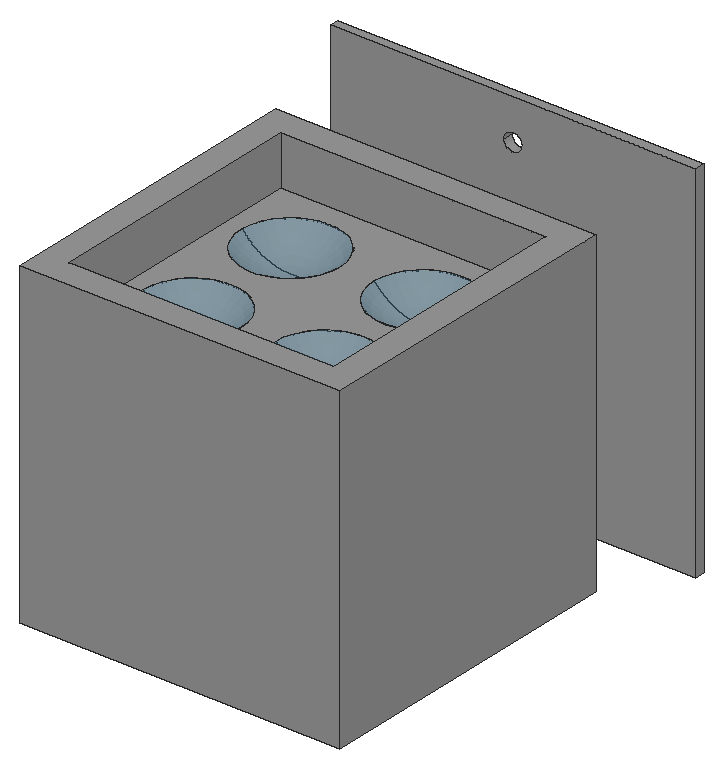
Revit family "LED FRAME 05_LZFSBWW", category Luminarias, Revit 2019
Family settings
  Cota de conector redondo = Diámetro de uso
  Tipo de pieza = Normal
  Se basa en plano de trabajo = Sí
  Siempre vertical = No
  Corte con vacíos al cargar = No
  Origen de luz = Sí
  Compartido = No
  Punto de cálculo de habitación = No
Parameters (values of type "LED FRAME 05_LZFSBWW")
  Ángulo de inclinación = 60.00°
  Ángulo de enfoque = 45.00°
  Ángulo de campo de foco = 45.00°
  Zone [instance] = ""
  Watt per fixture = 5
  Wattage = 5 W
  built-in parameter 1150107 = 3000 (stored number, unit not read)
  built-in parameter 1150110 = 1 (stored number, unit not read)
  built-in parameter 1150109 = 1 (stored number, unit not read)
  built-in parameter 1150112 = 1 (stored number, unit not read)
  built-in parameter 1150113 = 1 (stored number, unit not read)
  built-in parameter 1114218 = 1 (stored number, unit not read)
  Keynote = ""
  built-in parameter 1150137 = (empty or 0)
  built-in parameter 1150132 = (empty or 0)
  Modelo = "LZFSBWW"
  Lámpara = "CREE"
  Longitud de símbolo de origen de luz = 1500 mm
  built-in parameter 1150105 = 2067.9 (stored number, unit not read)
  built-in parameter 1150102 = (empty or 0)
  built-in parameter 1150106 = 20.679 (stored number, unit not read)
  Lumens = 320 lm
  Color Filter = 16777215
  built-in parameter 1114217 = 1 (stored number, unit not read)
  built-in parameter 1150139 = (empty or 0)
  Fabricante = "BRILLANT"
  Default Elevation = 0 mm
  built-in parameter 1150104 = 5.9458 (stored number, unit not read)
  Descripción = "LUMINARIA DIRIGIBLE TIPO ARBOTANTE, ACABADO EN ALUMINIO CON UN PESO DE 0.70KG, CON 4 LED TIPO CREE Y UNA POTENCIA DE 5W, 320 LUMENES, TEMPERATURA EN BLANCO CALIDO 3000K, IRC 80, IP 20, APERTURA DE 45 GRADOS, CORRIENTE DE OPERACIÓN 39mA, CABLE DE 6.7CM, ALIMENTADO A 90-240VAC"
  built-in parameter 1150115 = 1 (stored number, unit not read)
  built-in parameter 1150114 = 1 (stored number, unit not read)
  Comentarios de vataje = "90-240V"
  built-in parameter 1150138 = (empty or 0)
  built-in parameter 1150134 = (empty or 0)
  Circuit [instance] = ""
  Dimming Lamp Color Temperature Shift = (empty or 0)
  built-in parameter 1150133 = 10 (stored number, unit not read)
Reference planes
  plane 1 "Centro (Frontal/Posterior)": y = 0
  plane 2: z = 0
  plane 3 "Centro (Izquierda/Derecha)": x = 0
Forms (mm)
  Extrusion 1, solid, material "Acabado Blanco"
    sketch origin (-272.5, 14.472, 0) x (1, 0, 0) y (0, 1, 0)
      loop
        line (232.5, -16.599) -> (312.5, -16.599) -> (312.5, -14.472) -> (232.5, -14.472) -> (232.5, -16.599)
    from 80.282 to 0
  Revolve 2, solid, material "Cristal", not visible
    sketch origin (-152, 0, 0) x (0, 1, 0) y (0, 0, -1)
      loop
        line (0, -8.749) -> (0, -7.25) -> (-1.499, -7.25)
        arc (-1.499, -7.25) -> (-1.06, -8.31) -> (0, -8.749) r 1.499
      axis (0, -7.25) -> (-1.499, -7.25)
    angle from 0 to 360
  Revolve 3, solid, material "Cristal", not visible
    sketch origin (-136, 0, 0) x (0, 1, 0) y (0, 0, -1)
      loop
        line (0, -8.749) -> (0, -7.25) -> (-1.499, -7.25)
        arc (-1.499, -7.25) -> (-1.06, -8.31) -> (0, -8.749) r 1.499
      axis (0, -7.25) -> (-1.499, -7.25)
    angle from 0 to 360
  Revolve 4, solid, material "Cristal", not visible
    sketch origin (-120, 0, 0) x (0, 1, 0) y (0, 0, -1)
      loop
        line (0, -8.749) -> (0, -7.25) -> (-1.499, -7.25)
        arc (-1.499, -7.25) -> (-1.06, -8.31) -> (0, -8.749) r 1.499
      axis (0, -7.25) -> (-1.499, -7.25)
    angle from 0 to 360
  Revolve 5, solid, material "Cristal", not visible
    sketch origin (-104, 0, 0) x (0, 1, 0) y (0, 0, -1)
      loop
        line (0, -8.749) -> (0, -7.25) -> (-1.499, -7.25)
        arc (-1.499, -7.25) -> (-1.06, -8.31) -> (0, -8.749) r 1.499
      axis (0, -7.25) -> (-1.499, -7.25)
    angle from 0 to 360
  Revolve 6, solid, material "Cristal", not visible
    sketch origin (-88, 0, 0) x (0, 1, 0) y (0, 0, -1)
      loop
        line (0, -8.749) -> (0, -7.25) -> (-1.499, -7.25)
        arc (-1.499, -7.25) -> (-1.06, -8.31) -> (0, -8.749) r 1.499
      axis (0, -7.25) -> (-1.499, -7.25)
    angle from 0 to 360
  Revolve 7, solid, material "Cristal", not visible
    sketch origin (-72, 0, 0) x (0, 1, 0) y (0, 0, -1)
      loop
        line (0, -8.749) -> (0, -7.25) -> (-1.499, -7.25)
        arc (-1.499, -7.25) -> (-1.06, -8.31) -> (0, -8.749) r 1.499
      axis (0, -7.25) -> (-1.499, -7.25)
    angle from 0 to 360
  Revolve 8, solid, material "Cristal", not visible
    sketch origin (-56, 0, 0) x (0, 1, 0) y (0, 0, -1)
      loop
        line (0, -8.749) -> (0, -7.25) -> (-1.499, -7.25)
        arc (-1.499, -7.25) -> (-1.06, -8.31) -> (0, -8.749) r 1.499
      axis (0, -7.25) -> (-1.499, -7.25)
    angle from 0 to 360
  Revolve 9, solid, material "Cristal", not visible
    sketch origin (-40, 0, 0) x (0, 1, 0) y (0, 0, -1)
      loop
        line (0, -8.749) -> (0, -7.25) -> (-1.499, -7.25)
        arc (-1.499, -7.25) -> (-1.06, -8.31) -> (0, -8.749) r 1.499
      axis (0, -7.25) -> (-1.499, -7.25)
    angle from 0 to 360
  Revolve 10, solid, material "Cristal", not visible
    sketch origin (-24, 0, 0) x (0, 1, 0) y (0, 0, -1)
      loop
        line (0, -8.749) -> (0, -7.25) -> (-1.499, -7.25)
        arc (-1.499, -7.25) -> (-1.06, -8.31) -> (0, -8.749) r 1.499
      axis (0, -7.25) -> (-1.499, -7.25)
    angle from 0 to 360
  Revolve 11, solid, material "Cristal", not visible
    sketch origin (-8, 0, 0) x (0, 1, 0) y (0, 0, -1)
      loop
        line (0, -8.749) -> (0, -7.25) -> (-1.499, -7.25)
        arc (-1.499, -7.25) -> (-1.06, -8.31) -> (0, -8.749) r 1.499
      axis (0, -7.25) -> (-1.499, -7.25)
    angle from 0 to 360
  Revolve 12, solid, material "Cristal", not visible
    sketch origin (8, 0, 0) x (0, 1, 0) y (0, 0, -1)
      loop
        line (0, -8.749) -> (0, -7.25) -> (-1.499, -7.25)
        arc (-1.499, -7.25) -> (-1.06, -8.31) -> (0, -8.749) r 1.499
      axis (0, -7.25) -> (-1.499, -7.25)
    angle from 0 to 360
  Revolve 13, solid, material "Cristal", not visible
    sketch origin (24, 0, 0) x (0, 1, 0) y (0, 0, -1)
      loop
        line (0, -8.749) -> (0, -7.25) -> (-1.499, -7.25)
        arc (-1.499, -7.25) -> (-1.06, -8.31) -> (0, -8.749) r 1.499
      axis (0, -7.25) -> (-1.499, -7.25)
    angle from 0 to 360
  Revolve 14, solid, material "Cristal", not visible
    sketch origin (40, 0, 0) x (0, 1, 0) y (0, 0, -1)
      loop
        line (0, -8.749) -> (0, -7.25) -> (-1.499, -7.25)
        arc (-1.499, -7.25) -> (-1.06, -8.31) -> (0, -8.749) r 1.499
      axis (0, -7.25) -> (-1.499, -7.25)
    angle from 0 to 360
  Revolve 15, solid, material "Cristal", not visible
    sketch origin (56, 0, 0) x (0, 1, 0) y (0, 0, -1)
      loop
        line (0, -8.749) -> (0, -7.25) -> (-1.499, -7.25)
        arc (-1.499, -7.25) -> (-1.06, -8.31) -> (0, -8.749) r 1.499
      axis (0, -7.25) -> (-1.499, -7.25)
    angle from 0 to 360
  Revolve 16, solid, material "Cristal", not visible
    sketch origin (72, 0, 0) x (0, 1, 0) y (0, 0, -1)
      loop
        line (0, -8.749) -> (0, -7.25) -> (-1.499, -7.25)
        arc (-1.499, -7.25) -> (-1.06, -8.31) -> (0, -8.749) r 1.499
      axis (0, -7.25) -> (-1.499, -7.25)
    angle from 0 to 360
  Revolve 17, solid, material "Cristal", not visible
    sketch origin (88, 0, 0) x (0, 1, 0) y (0, 0, -1)
      loop
        line (0, -8.749) -> (0, -7.25) -> (-1.499, -7.25)
        arc (-1.499, -7.25) -> (-1.06, -8.31) -> (0, -8.749) r 1.499
      axis (0, -7.25) -> (-1.499, -7.25)
    angle from 0 to 360
  Revolve 18, solid, material "Cristal", not visible
    sketch origin (104, 0, 0) x (0, 1, 0) y (0, 0, -1)
      loop
        line (0, -8.749) -> (0, -7.25) -> (-1.499, -7.25)
        arc (-1.499, -7.25) -> (-1.06, -8.31) -> (0, -8.749) r 1.499
      axis (0, -7.25) -> (-1.499, -7.25)
    angle from 0 to 360
  Revolve 19, solid, material "Cristal", not visible
    sketch origin (120, 0, 0) x (0, 1, 0) y (0, 0, -1)
      loop
        line (0, -8.749) -> (0, -7.25) -> (-1.499, -7.25)
        arc (-1.499, -7.25) -> (-1.06, -8.31) -> (0, -8.749) r 1.499
      axis (0, -7.25) -> (-1.499, -7.25)
    angle from 0 to 360
  Revolve 20, solid, material "Cristal", not visible
    sketch origin (136, 0, 0) x (0, 1, 0) y (0, 0, -1)
      loop
        line (0, -8.749) -> (0, -7.25) -> (-1.499, -7.25)
        arc (-1.499, -7.25) -> (-1.06, -8.31) -> (0, -8.749) r 1.499
      axis (0, -7.25) -> (-1.499, -7.25)
    angle from 0 to 360
  Revolve 21, solid, material "Cristal", not visible
    sketch origin (152, 0, 0) x (0, 1, 0) y (0, 0, -1)
      loop
        line (0, -8.749) -> (0, -7.25) -> (-1.499, -7.25)
        arc (-1.499, -7.25) -> (-1.06, -8.31) -> (0, -8.749) r 1.499
      axis (0, -7.25) -> (-1.499, -7.25)
    angle from 0 to 360
  Extrusion 22, solid, material "Acabado Blanco"
    sketch origin (0, 0, 0) x (1, 0, 0) y (0, 1, 0)
      loop
        line (-35, -23.355) -> (-35, -93.355) -> (35, -93.355) -> (35, -23.355) -> (-35, -23.355)
    from 4.859 to 74.893
  Extrusion 23, solid, material "Acabado Blanco"
    sketch origin (0, 0, 0) x (1, 0, 0) y (0, 1, 0)
      loop
        line (18, -23.355) -> (18, -2.126) -> (-18, -2.126) -> (-18, -23.355) -> (18, -23.355)
    from 21.256 to 58.986
  Extrusion 24, void
    sketch origin (0, 0, 0) x (1, 0, 0) y (0, 1, 0)
      loop
        line (-29, -29.355) -> (-29, -87.355) -> (29, -87.355) -> (29, -29.355) -> (-29, -29.355)
    from 64.202 to 88.518
  Revolve 25, void
    sketch origin (0, -71.841, 10.251) x (1, 0, 0) y (0, 0, -1)
      loop
        line (14.5, -53.951) -> (25.223, -53.951)
        arc (25.223, -53.951) -> (20.438, -50.215) -> (14.5, -48.951) r 13.507
        line (14.5, -48.951) -> (14.5, -53.951)
      axis (14.5, -53.951) -> (14.5, -48.951)
    angle from 0 to 360
  Revolve 26, void
    sketch origin (0, -44.87, 10.251) x (1, 0, 0) y (0, 0, 1)
      loop
        line (14.5, 53.951) -> (14.5, 48.951)
        arc (14.5, 48.951) -> (20.438, 50.215) -> (25.223, 53.951) r 13.507
        line (25.223, 53.951) -> (14.5, 53.951)
      axis (14.5, 53.951) -> (14.5, 48.951)
    angle from 0 to 360
  Revolve 27, void
    sketch origin (0, -71.841, 10.251) x (-1, 0, 0) y (0, 0, 1)
      loop
        line (14.5, 53.951) -> (14.5, 48.951)
        arc (14.5, 48.951) -> (20.438, 50.215) -> (25.223, 53.951) r 13.507
        line (25.223, 53.951) -> (14.5, 53.951)
      axis (14.5, 53.951) -> (14.5, 48.951)
    angle from 0 to 360
  Revolve 28, void
    sketch origin (0, -44.87, 10.251) x (-1, 0, 0) y (0, 0, -1)
      loop
        line (14.5, -53.951) -> (25.223, -53.951)
        arc (25.223, -53.951) -> (20.438, -50.215) -> (14.5, -48.951) r 13.507
        line (14.5, -48.951) -> (14.5, -53.951)
      axis (14.5, -53.951) -> (14.5, -48.951)
    angle from 0 to 360
  Extrusion 29, solid, material "Cristal"
    sketch origin (0, 0, 0) x (1, 0, 0) y (0, 1, 0)
      loop
        circle (14.5, -44.87) r 10.723
      loop
        circle (-14.5, -44.87) r 10.723
      loop
        circle (14.5, -71.841) r 10.723
      loop
        circle (-14.5, -71.841) r 10.723
    from 64.042 to 64.202
  Extrusion 30, void
    sketch origin (0, 0, 0) x (1, 0, 0) y (0, 0, 1)
      loop
        circle (0, 71.376) r 2
      loop
        circle (0, 8.906) r 2
    from 0 to 2.126
Cuts and joins
  Extrusion 24, Revolve 25, Revolve 26, Revolve 27, Revolve 28 cuts Extrusion 22
  Revolve 25, Extrusion 30 cuts Extrusion 1
Dimensions and locks
  Extrusion 1 to Extrusion 1 = 80 mm
  Extrusion 1 to Extrusion 1 = 80.282 mm
  Extrusion 1 to Extrusion 22 = 93.355 mm
  Extrusion 1 sketch curve to plane 3 "Centro (Izquierda/Derecha)" = 40 mm
  equal spacing: Extrusion 1 sketch curve, plane 3 "Centro (Izquierda/Derecha)", Extrusion 1 sketch curve
  equal spacing: Extrusion 22 sketch curve, plane 3 "Centro (Izquierda/Derecha)", Extrusion 22 sketch curve
  Extrusion 22 sketch curve to plane 3 "Centro (Izquierda/Derecha)" = 35 mm
  equal spacing: Extrusion 23 sketch curve, plane 3 "Centro (Izquierda/Derecha)", Extrusion 23 sketch curve
  Extrusion 23 sketch curve to plane 3 "Centro (Izquierda/Derecha)" = 18 mm
  Extrusion 22 sketch curve to Extrusion 22 sketch curve = 70 mm
  cut or joined group of Extrusion 22, Extrusion 24, Revolve 25, Revolve 26, Revolve 27, Revolve 28 to cut or joined group of Extrusion 22, Extrusion 24, Revolve 25, Revolve 26, Revolve 27, Revolve 28 = 70.034 mm
  aligned and locked: level to plane 2
  aligned and locked: Extrusion 23 to Extrusion 1
  aligned and locked: Extrusion 23 to Extrusion 22
  aligned and locked: Extrusion 29 to cut or joined group of Extrusion 22, Extrusion 24, Revolve 25, Revolve 26, Revolve 27, Revolve 28
Connectors
  electrical at (0, 0, 40.141)
    settings: on Extrusion 1, index 1, voltage 240 V, apparent load 0 VA, apparent load phase1 0 VA, apparent load phase2 0 VA, apparent load phase3 0 VA, power factor 1, load classification "Otro", number of poles 1, system type 31, power factor state 1, is connector primary yes, connector utility no, sub classification motor no, connector description ""
